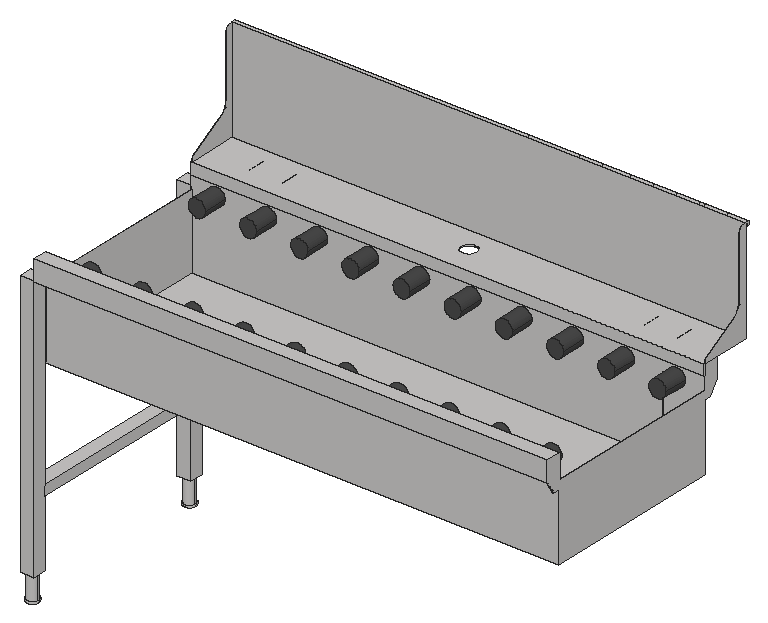
Revit family "QF_ELECTROLUXPROFESSIONAL_863076_HSSRDB15SB", category Specialty Equipment, Revit 2018
Family settings
  Round Connector Dimension = Use Diameter
  Part Type = Normal
  Work Plane-Based = No
  Always vertical = Yes
  Cut with Voids When Loaded = No
  Shared = No
  Room Calculation Point = No
Parameters
  Weight = 0.00 kg
  Watts = 0 W
  Volts = 0 V
  URL Manufacturer = "http://professional.electrolux.com/"
  URL = "http://professional.electrolux.com/"
  Steam Supply Size = 0 mm
  Steam Supply Minimum Pressure = 0.0 Pa
  Steam Supply Maximum Pressure = 0.0 Pa
  Steam Pounds per Hour = 0
  Refrigeration Suction Line Size = 0 mm
  Refrigeration Liquid Line Size = 0 mm
  Refrigerant Compressor Remote = yes
  Manufacturer = "Electrolux"
  Phase = 0
  Model = "HSSRDB15SB"
  Length Actual = 1500 mm  # constant formula
  Item Number = "863076"
  Hot Water Size = 0 mm
  Height Actual = 1213 mm  # constant formula
  HP = "0 HP"
  Gas Size = 0 mm
  Gas KW = 0
  Gas Input Pressure = 0 W
  Description = "SHORT ROLLER CONVEYOR WITH DEEP BASIN AND SPLASH BACK,  L=1500 MM"
  Depth Actual = 735 mm  # constant formula
  Cycle = 0 Hz
  Condensate Return Size = 0 mm
  Compressed Air Volume = 0.0 L/s
  Compressed Air Size = 0 mm
  Compressed Air Pressure = 0.0 Pa
  Cold Water Size = 0 mm
  Accessory = yes
Reference planes
  plane 1 "Centro (Fronte/Retro)": y = 74.737
  plane 2: z = 0
  plane 3 "LEFT": x = -1038.761
  plane 4 "BACK": y = 499.737
  plane 5 "FRONT": y = -235.263
  plane 6: z = 910
  plane 7 "RIGHT": x = 461.239
  plane 8: x = -288.761
Forms (mm)
  Extrusion 1, solid, material "QF_Finishes_Stainless Steel"
    sketch origin (0, 74.737, 0) x (1, 0, 0) y (0, 0, 1)
      loop
        line (-1079.929, 300) -> (-1079.929, 270) -> (-1039.929, 270) -> (-1039.929, 300) -> (-1079.929, 300)
    from -266.504 to 266.46
  Extrusion 2, solid, material "QF_Finishes_Stainless Steel"
    sketch origin (11.239, 0, 0) x (0, 1, 0) y (0, 0, 1)
      loop
        line (-235.263, 910) -> (-235.263, 850.033) -> (-190.242, 850.033) -> (-190.242, 910) -> (-235.263, 910)
      loop
        line (384.737, 910) -> (339.716, 910) -> (339.716, 850.033) -> (384.737, 850.033) -> (384.737, 910)
    from -1048.8 to 448.8
  Extrusion 3, solid, material "QF_Finishes_Stainless Steel"
    sketch origin (11.239, 0, 0) x (0, 1, 0) y (0, 0, 1)
      loop
        line (-191.727, 850.033) -> (-191.727, 618.033) -> (341.245, 618.033) -> (341.245, 850.033) -> (339.716, 850.033) -> (339.716, 621.033) -> (-190.242, 621.033) -> (-190.242, 850.033) -> (-191.727, 850.033)
    from -1048.8 to 448.8
  Extrusion 4, solid, material "QF_Finishes_Stainless Steel"
    sketch origin (1761.239, 723.253, 4000) x (0, 1, 0) y (0, 0, 1)
      loop
        line (-958.516, -3090) -> (-958.516, -3149.967) -> (-934.752, -3185.632) -> (-914.981, -3185.632) -> (-914.981, -3381.967) -> (-382.009, -3381.967) -> (-382.009, -3185.632) -> (-362.281, -3185.632) -> (-338.516, -3149.967) -> (-338.516, -3090) -> (-383.538, -3090) -> (-383.538, -3161.926) -> (-913.495, -3161.926) -> (-913.495, -3090) -> (-958.516, -3090)
    from -1300 to -1301.2
  Revolve 5, solid, material "QF_Finishes_Stainless Steel"
    sketch origin (-288.761, 0, 0) x (0, 1, 0) y (0, 0, 1)
      loop
        line (74.737, 618.033) -> (-1.756, 618.033) -> (-1.756, 601.823) -> (0.354, 601.823)
        arc (0.354, 601.823) -> (3.64, 597.973) -> (0.351, 594.125) r 3.897
        line (0.351, 594.125) -> (-1.756, 594.125) -> (-1.756, 551.31)
        arc (-1.756, 551.31) -> (8.91, 520.632) -> (36.296, 503.17) r 49.497
        line (36.296, 503.17) -> (36.296, 500.684) -> (37.487, 497.398) -> (51.25, 491.407) -> (51.25, 455.535) -> (52.727, 454.059) -> (74.737, 454.059) -> (74.737, 618.033)
      axis (74.737, 454.059) -> (74.737, 618.033)
    angle from 0 to 360
  Extrusion 6, solid, material "QF_Finishes_Stainless Steel"
    sketch origin (-537.561, 723.253, 4000) x (0, 1, 0) y (0, 0, 1)
      loop
        line (-958.516, -3090) -> (-958.516, -3149.967) -> (-914.981, -3149.967) -> (-914.981, -3381.967) -> (-382.009, -3381.967) -> (-382.009, -3149.967) -> (-338.516, -3149.967) -> (-338.516, -3090) -> (-383.538, -3090) -> (-383.538, -3161.926) -> (-913.495, -3161.926) -> (-913.495, -3090) -> (-958.516, -3090)
    from -500 to -501.2
  Extrusion 7, solid, material "QF_Finishes_Black"
    sketch origin (0, 74.737, 0) x (1, 0, 0) y (0, 0, 1)
      loop
        circle (-961.28, 850.115) r 25
      loop
        circle (-811.832, 850.115) r 25
      loop
        circle (84.861, 850.115) r 25
      loop
        circle (234.309, 850.115) r 25
      loop
        circle (383.758, 850.115) r 25
      loop
        circle (-64.588, 850.115) r 25
      loop
        circle (-662.383, 850.115) r 25
      loop
        circle (-214.037, 850.115) r 25
      loop
        circle (-512.934, 850.115) r 25
      loop
        circle (-363.485, 850.115) r 25
    from 190.58 to 260.534
  Extrusion 8, solid, material "QF_Finishes_Stainless Steel"
    sketch origin (-239.961, 342.237, 0) x (0, 1, 0) y (0, 0, -1)
      loop
        line (-2.521, -910) -> (-2.521, -879.543) -> (-4.021, -879.543) -> (-4.021, -911.5) -> (145.999, -911.5) -> (145.999, -1213) -> (157.5, -1213) -> (157.5, -1202.537) -> (156, -1202.537) -> (156, -1211.5) -> (147.499, -1211.5) -> (147.499, -910) -> (-2.521, -910)
    from -701.2 to 798.8
  Extrusion 9, solid, material "QF_Finishes_Stainless Steel"
    sketch origin (-915.761, 342.237, 0) x (0, 1, 0) y (0, 0, 1)
      loop
        line (-0.992, 624.033) -> (13.767, 624.033)
        arc (13.767, 624.033) -> (17.303, 625.498) -> (18.768, 629.034) r 5.001
        line (18.768, 629.034) -> (18.768, 745.739) -> (102.636, 891.045) -> (102.636, 910) -> (42.5, 910) -> (42.5, 850.033) -> (-0.992, 850.033) -> (-0.992, 624.033)
    from 0 to 3
  Extrusion 10, solid, material "QF_Finishes_Stainless Steel"
    sketch origin (-818.761, 342.237, 0) x (0, 1, 0) y (0, 0, 1)
      loop
        line (-0.992, 624.033) -> (13.767, 624.033)
        arc (13.767, 624.033) -> (17.303, 625.498) -> (18.768, 629.034) r 5.001
        line (18.768, 629.034) -> (18.768, 745.739) -> (102.636, 891.045) -> (102.636, 910) -> (42.5, 910) -> (42.5, 850.033) -> (-0.992, 850.033) -> (-0.992, 624.033)
    from 0 to 3
  Extrusion 11, solid, material "QF_Finishes_Stainless Steel"
    sketch origin (-555.939, 342.237, 13) x (-1, 0, 0) y (0, 0, 1)
      loop
        line (356.822, 837.033) -> (262.822, 837.033) -> (262.822, 611.033) -> (356.822, 611.033) -> (356.822, 837.033)
    from -0.992 to 1.008
  Extrusion 12, solid, material "QF_Finishes_Stainless Steel"
    sketch origin (460.039, 342.237, 0) x (0, 1, 0) y (0, 0, -1)
      loop
        line (1.051, -911.5) -> (1.051, -914.619)
        arc (1.051, -914.619) -> (2.37, -919.604) -> (6.004, -923.263) r 9.963
        line (6.004, -923.263) -> (100.988, -978.112)
        arc (100.988, -978.112) -> (119.305, -996.412) -> (126.02, -1021.418) r 50.023
        line (126.02, -1021.418) -> (126.02, -1196.012)
        arc (126.02, -1196.012) -> (130.414, -1206.62) -> (141.022, -1211.014) r 15.003
        line (141.022, -1211.014) -> (145.999, -1211.014) -> (145.999, -911.5) -> (1.051, -911.5)
    from -1.2 to 0
  Extrusion 13, solid, material "QF_Finishes_Stainless Steel"
    sketch origin (-1033.961, 342.237, 0) x (0, 1, 0) y (0, 0, -1)
      loop
        line (141.022, -1211.014) -> (145.999, -1211.014) -> (145.999, -911.5) -> (1.051, -911.5) -> (1.051, -914.619)
        arc (1.051, -914.619) -> (2.37, -919.604) -> (6.004, -923.263) r 9.963
        line (6.004, -923.263) -> (100.988, -978.112)
        arc (100.988, -978.112) -> (119.305, -996.412) -> (126.02, -1021.418) r 50.023
        line (126.02, -1021.418) -> (126.02, -1196.012)
        arc (126.02, -1196.012) -> (130.414, -1206.62) -> (141.022, -1211.014) r 15.003
    from 3.6 to 4.8
  Extrusion 14, void
    sketch origin (0, 0, 0) x (1, 0, 0) y (0, 1, 0)
      loop
        circle (-288.761, 417.226) r 22.503
    from 910 to 911.5
  Extrusion 15, solid, material "QF_Finishes_Stainless Steel"
    sketch origin (-361.761, 342.237, 0) x (0, 1, 0) y (0, 0, -1)
      loop
        line (-0.992, -624.033) -> (-0.992, -850.033) -> (42.5, -850.033) -> (42.5, -910) -> (102.636, -910) -> (102.636, -891.045) -> (18.768, -745.739) -> (18.768, -629.034)
        arc (18.768, -629.034) -> (17.303, -625.498) -> (13.767, -624.033) r 5.001
        line (13.767, -624.033) -> (-0.992, -624.033)
    from -700 to -697
  Extrusion 16, solid, material "QF_Finishes_Stainless Steel"
    sketch origin (-458.761, 342.237, 0) x (0, 1, 0) y (0, 0, -1)
      loop
        line (-0.992, -624.033) -> (-0.992, -850.033) -> (42.5, -850.033) -> (42.5, -910) -> (102.636, -910) -> (102.636, -891.045) -> (18.768, -745.739) -> (18.768, -629.034)
        arc (18.768, -629.034) -> (17.303, -625.498) -> (13.767, -624.033) r 5.001
        line (13.767, -624.033) -> (-0.992, -624.033)
    from -700 to -697
  Extrusion 17, solid, material "QF_Finishes_Stainless Steel"
    sketch origin (-721.583, 342.237, 13) x (1, 0, 0) y (0, 0, -1)
      loop
        line (1056.822, -837.033) -> (1056.822, -611.033) -> (962.822, -611.033) -> (962.822, -837.033) -> (1056.822, -837.033)
    from -0.992 to 1.008
  Extrusion 18, solid, material "QF_Finishes_Black"
    sketch origin (0, 74.737, 0) x (1, 0, 0) y (0, 0, -1)
      loop
        circle (-961.28, -850.115) r 25
      loop
        circle (-811.832, -850.115) r 25
      loop
        circle (84.861, -850.115) r 25
      loop
        circle (234.309, -850.115) r 25
      loop
        circle (383.758, -850.115) r 25
      loop
        circle (-64.588, -850.115) r 25
      loop
        circle (-662.383, -850.115) r 25
      loop
        circle (-214.037, -850.115) r 25
      loop
        circle (-512.934, -850.115) r 25
      loop
        circle (-363.485, -850.115) r 25
    from 190.58 to 260.534
Cuts and joins
  joined: Extrusion 2, Extrusion 3, Extrusion 4, Revolve 5, Extrusion 6
  Extrusion 14 cuts Extrusion 8
  joined: Extrusion 8, Extrusion 9, Extrusion 10, Extrusion 11, Extrusion 12, Extrusion 13, Extrusion 15, Extrusion 16, Extrusion 17
Lines and regions (mm)
  Split face 1
    outline origin (758.239, 339.716, 621.033) x (-1, 0, 0) y (0, -1, 0)
      loop
        circle (1047, 264.904) r 3.016
  Split face 2
    outline origin (758.239, 339.716, 621.033) x (-1, 0, 0) y (0, -1, 0)
      loop
        circle (1047, 264.904) r 52.991
  Split face 3
    outline origin (758.239, 339.716, 621.033) x (-1, 0, 0) y (0, -1, 0)
      loop
        circle (1047, 264.904) r 36.015
  Split face 4
    outline origin (758.239, 339.716, 621.033) x (-1, 0, 0) y (0, -1, 0)
      loop
        circle (1047, 264.904) r 26.027
  Split face 5
    outline origin (758.239, 339.716, 621.033) x (-1, 0, 0) y (0, -1, 0)
      loop
        circle (1047, 264.904) r 9.056
  Masking region 1
    outline origin (0, 0, 0) x (1, 0, 0) y (0, 1, 0)
      loop
        line (-1038.761, 499.737) -> (-1038.761, -235.263) -> (461.239, -235.263) -> (461.239, 499.737) -> (-1038.761, 499.737)
  symbolic lines
    curve 1: line (461.239, 499.737, 0) -> (-1038.761, 499.737, 0)
    curve 2: line (-1038.761, 499.737, 0) -> (-1038.761, -235.263, 0)
    curve 3: line (-1038.761, 339.716, 0) -> (461.239, 339.716, 0)
    curve 4: line (-1038.761, -235.263, 0) -> (461.239, -235.263, 0)
    curve 5: line (461.239, -235.263, 0) -> (461.239, 499.737, 0)
    curve 6: line (461.239, -190.242, 0) -> (-1038.761, -190.242, 0)
    curve 7: line (-936.28, -185.797, 0) -> (-986.28, -185.797, 0)
    curve 8: line (-986.28, -185.797, 0) -> (-986.28, -115.842, 0)
    curve 9: line (-986.28, -115.842, 0) -> (-936.28, -115.842, 0)
    curve 10: line (-936.28, -115.842, 0) -> (-936.28, -185.797, 0)
    curve 11: line (-786.832, -185.797, 0) -> (-836.832, -185.797, 0)
    curve 12: line (-836.832, -185.797, 0) -> (-836.832, -115.842, 0)
    curve 13: line (-836.832, -115.842, 0) -> (-786.832, -115.842, 0)
    curve 14: line (-786.832, -115.842, 0) -> (-786.832, -185.797, 0)
    curve 15: line (-637.383, -185.797, 0) -> (-687.383, -185.797, 0)
    curve 16: line (-687.383, -185.797, 0) -> (-687.383, -115.842, 0)
    curve 17: line (-687.383, -115.842, 0) -> (-637.383, -115.842, 0)
    curve 18: line (-637.383, -115.842, 0) -> (-637.383, -185.797, 0)
    curve 19: line (-487.934, -185.797, 0) -> (-537.934, -185.797, 0)
    curve 20: line (-537.934, -185.797, 0) -> (-537.934, -115.842, 0)
    curve 21: line (-537.934, -115.842, 0) -> (-487.934, -115.842, 0)
    curve 22: line (-487.934, -115.842, 0) -> (-487.934, -185.797, 0)
    curve 23: line (-1038.761, 343.288, 0) -> (-1037.561, 343.288, 0)
    curve 24: line (-1037.561, 343.288, 0) -> (-1037.561, 488.236, 0)
    curve 25: line (-1038.761, 488.236, 0) -> (461.239, 488.236, 0)
    curve 26: line (460.039, 488.236, 0) -> (460.039, 343.288, 0)
    curve 27: arc (-311.264, 417.226, 0) -> (-288.761, 439.729, 0) -> (-266.258, 417.226, 0) r 22.503
    curve 28: arc (-266.258, 417.226, 0) -> (-288.761, 394.723, 0) -> (-311.264, 417.226, 0) r 22.503
    curve 29: line (461.239, 74.737, 0) -> (431.239, 74.737, 0)
    curve 30: line (-1038.761, 74.737, 0) -> (-1008.761, 74.737, 0)
    curve 31: arc (-288.761, 151.231, 0) -> (-212.267, 74.737, 0) -> (-288.761, -1.756, 0) r 76.494
    curve 32: arc (-288.761, -1.756, 0) -> (-365.254, 74.737, 0) -> (-288.761, 151.231, 0) r 76.494
    curve 33: arc (-288.761, 96.747, 0) -> (-310.771, 74.737, 0) -> (-288.761, 52.727, 0) r 22.01
    curve 34: arc (-288.761, 52.727, 0) -> (-266.751, 74.737, 0) -> (-288.761, 96.747, 0) r 22.01
    curve 35: line (-338.485, -185.797, 0) -> (-388.485, -185.797, 0)
    curve 36: line (-388.485, -185.797, 0) -> (-388.485, -115.842, 0)
    curve 37: line (-388.485, -115.842, 0) -> (-338.485, -115.842, 0)
    curve 38: line (-338.485, -115.842, 0) -> (-338.485, -185.797, 0)
    curve 39: line (-189.037, -185.797, 0) -> (-239.037, -185.797, 0)
    curve 40: line (-239.037, -185.797, 0) -> (-239.037, -115.842, 0)
    curve 41: line (-239.037, -115.842, 0) -> (-189.037, -115.842, 0)
    curve 42: line (-189.037, -115.842, 0) -> (-189.037, -185.797, 0)
    curve 43: line (-39.588, -185.797, 0) -> (-89.588, -185.797, 0)
    curve 44: line (-89.588, -185.797, 0) -> (-89.588, -115.842, 0)
    curve 45: line (-89.588, -115.842, 0) -> (-39.588, -115.842, 0)
    curve 46: line (-39.588, -115.842, 0) -> (-39.588, -185.797, 0)
    curve 47: line (109.861, -185.797, 0) -> (59.861, -185.797, 0)
    curve 48: line (59.861, -185.797, 0) -> (59.861, -115.842, 0)
    curve 49: line (59.861, -115.842, 0) -> (109.861, -115.842, 0)
    curve 50: line (109.861, -115.842, 0) -> (109.861, -185.797, 0)
    curve 51: line (408.758, -185.797, 0) -> (358.758, -185.797, 0)
    curve 52: line (358.758, -185.797, 0) -> (358.758, -115.842, 0)
    curve 53: line (358.758, -115.842, 0) -> (408.758, -115.842, 0)
    curve 54: line (408.758, -115.842, 0) -> (408.758, -185.797, 0)
    curve 55: line (259.309, -185.797, 0) -> (209.309, -185.797, 0)
    curve 56: line (209.309, -185.797, 0) -> (209.309, -115.842, 0)
    curve 57: line (209.309, -115.842, 0) -> (259.309, -115.842, 0)
    curve 58: line (259.309, -115.842, 0) -> (259.309, -185.797, 0)
    curve 59: line (-936.28, 335.271, 0) -> (-986.28, 335.271, 0)
    curve 60: line (-986.28, 335.271, 0) -> (-986.28, 265.317, 0)
    curve 61: line (-986.28, 265.317, 0) -> (-936.28, 265.317, 0)
    curve 62: line (-936.28, 265.317, 0) -> (-936.28, 335.271, 0)
    curve 63: line (-786.832, 335.271, 0) -> (-836.832, 335.271, 0)
    curve 64: line (-836.832, 335.271, 0) -> (-836.832, 265.317, 0)
    curve 65: line (-836.832, 265.317, 0) -> (-786.832, 265.317, 0)
    curve 66: line (-786.832, 265.317, 0) -> (-786.832, 335.271, 0)
    curve 67: line (-637.383, 335.271, 0) -> (-687.383, 335.271, 0)
    curve 68: line (-687.383, 335.271, 0) -> (-687.383, 265.317, 0)
    curve 69: line (-687.383, 265.317, 0) -> (-637.383, 265.317, 0)
    curve 70: line (-637.383, 265.317, 0) -> (-637.383, 335.271, 0)
    curve 71: line (-487.934, 335.271, 0) -> (-537.934, 335.271, 0)
    curve 72: line (-537.934, 335.271, 0) -> (-537.934, 265.317, 0)
    curve 73: line (-537.934, 265.317, 0) -> (-487.934, 265.317, 0)
    curve 74: line (-487.934, 265.317, 0) -> (-487.934, 335.271, 0)
    curve 75: line (-338.485, 335.271, 0) -> (-388.485, 335.271, 0)
    curve 76: line (-388.485, 335.271, 0) -> (-388.485, 265.317, 0)
    curve 77: line (-388.485, 265.317, 0) -> (-338.485, 265.317, 0)
    curve 78: line (-338.485, 265.317, 0) -> (-338.485, 335.271, 0)
    curve 79: line (-189.037, 335.271, 0) -> (-239.037, 335.271, 0)
    curve 80: line (-239.037, 335.271, 0) -> (-239.037, 265.317, 0)
    curve 81: line (-239.037, 265.317, 0) -> (-189.037, 265.317, 0)
    curve 82: line (-189.037, 265.317, 0) -> (-189.037, 335.271, 0)
    curve 83: line (-39.588, 335.271, 0) -> (-89.588, 335.271, 0)
    curve 84: line (-89.588, 335.271, 0) -> (-89.588, 265.317, 0)
    curve 85: line (-89.588, 265.317, 0) -> (-39.588, 265.317, 0)
    curve 86: line (-39.588, 265.317, 0) -> (-39.588, 335.271, 0)
    curve 87: line (109.861, 335.271, 0) -> (59.861, 335.271, 0)
    curve 88: line (59.861, 335.271, 0) -> (59.861, 265.317, 0)
    curve 89: line (59.861, 265.317, 0) -> (109.861, 265.317, 0)
    curve 90: line (109.861, 265.317, 0) -> (109.861, 335.271, 0)
    curve 91: line (408.758, 335.271, 0) -> (358.758, 335.271, 0)
    curve 92: line (358.758, 335.271, 0) -> (358.758, 265.317, 0)
    curve 93: line (358.758, 265.317, 0) -> (408.758, 265.317, 0)
    curve 94: line (408.758, 265.317, 0) -> (408.758, 335.271, 0)
    curve 95: line (259.309, 335.271, 0) -> (209.309, 335.271, 0)
    curve 96: line (209.309, 335.271, 0) -> (209.309, 265.317, 0)
    curve 97: line (209.309, 265.317, 0) -> (259.309, 265.317, 0)
    curve 98: line (259.309, 265.317, 0) -> (259.309, 335.271, 0)
Dimensions and locks
  plane 3 "LEFT" to plane 7 "RIGHT" = 1500 mm
  plane 4 "BACK" to plane 1 "Centro (Fronte/Retro)" to plane 5 "FRONT" = 425 mm, 310 mm
  plane 4 "BACK" to plane 5 "FRONT" = 735 mm
  equal spacing: plane 3 "LEFT", plane 8, plane 7 "RIGHT"
  locked: cut or joined group 1 (Extrusion 8, Extrusion 9, Extrusion 10, Extrusion 11, Extrusion 12, Extrusion 13, Extrusion 14, Extrusion 15, Extrusion 16, Extrusion 17) to cut or joined group 1 at 94  (x2)
  equal spacing: cut or joined group 1, plane 8, cut or joined group 1
  locked: cut or joined group 1 to cut or joined group 1 at 3  (x2)
  locked: Extrusion 7 sketch curve to plane 3 "LEFT" at 77.481
  locked: plane 7 "RIGHT" to Extrusion 7 sketch curve at 77.481
  equal spacing: Extrusion 7 sketch curve, Extrusion 7 sketch curve, Extrusion 7 sketch curve, Extrusion 7 sketch curve, Extrusion 7 sketch curve, Extrusion 7 sketch curve, Extrusion 7 sketch curve, Extrusion 7 sketch curve, Extrusion 7 sketch curve, Extrusion 7 sketch curve
  equal spacing: Extrusion 18 sketch curve, Extrusion 18 sketch curve, Extrusion 18 sketch curve, Extrusion 18 sketch curve, Extrusion 18 sketch curve, Extrusion 18 sketch curve, Extrusion 18 sketch curve, Extrusion 18 sketch curve, Extrusion 18 sketch curve, Extrusion 18 sketch curve
  aligned and locked: level to plane 2
  aligned and locked: plane 8 to cut or joined group of Extrusion 2, Extrusion 3, Extrusion 4, Revolve 5, Extrusion 6
  aligned and locked: Extrusion 2 to Extrusion 3
Automatic sketch dimensions
  curve 27 to curve 28 = 0 mm  (x2)
  curve 31 to curve 32 = 0 mm  (x2)
  curve 31 to curve 33 = 0 mm  (x2)
  curve 31 to curve 34 = 0 mm  (x2)
  curve 32 to curve 33 = 0 mm  (x2)
  curve 32 to curve 34 = 0 mm  (x2)
  curve 33 to curve 34 = 0 mm  (x2)
  curve 23 to plane 3 "LEFT" = 0 mm
  plane 1 "Centro (Fronte/Retro)" to curve 30 = 0 mm
  plane 1 "Centro (Fronte/Retro)" to curve 31 = 0 mm
  curve 31 to plane 8 = 0 mm
  plane 1 "Centro (Fronte/Retro)" to curve 29 = 0 mm
  curve 29 to plane 7 "RIGHT" = 0 mm
  curve 4 to plane 5 "FRONT" = 0 mm
  curve 2 to plane 4 "BACK" = 0 mm
  plane 3 "LEFT" to curve 24 = 1.2 mm
  plane 3 "LEFT" to curve 7 = 52.481 mm
  plane 3 "LEFT" to curve 61 = 52.481 mm
  curve 7 to curve 7 = 50 mm
  curve 59 to curve 62 = 50 mm
  curve 9 to curve 13 = 99.449 mm
  curve 59 to curve 63 = 99.449 mm
  curve 64 to curve 65 = 50 mm
  curve 12 to curve 13 = 50 mm
  curve 13 to curve 16 = 99.449 mm
  curve 65 to curve 68 = 99.449 mm
  curve 15 to curve 15 = 50 mm
  curve 67 to curve 70 = 50 mm
  curve 69 to curve 73 = 99.449 mm
  curve 17 to curve 21 = 99.449 mm
  curve 20 to curve 21 = 50 mm
  curve 72 to curve 73 = 50 mm
  curve 21 to curve 36 = 99.449 mm
  curve 73 to curve 77 = 99.449 mm
  plane 8 to curve 38 = 49.724 mm
  plane 8 to curve 77 = 49.724 mm
  plane 8 to curve 27 = 0 mm
  curve 79 to plane 8 = 49.724 mm
  curve 39 to plane 8 = 49.724 mm
  curve 39 to curve 42 = 50 mm
  curve 79 to curve 79 = 50 mm
  plane 5 "FRONT" to curve 43 = 49.466 mm
  curve 39 to curve 43 = 99.449 mm
  curve 79 to curve 83 = 99.449 mm
  curve 43 to curve 43 = 50 mm
  curve 83 to curve 83 = 50 mm
  plane 5 "FRONT" to curve 48 = 49.466 mm
  curve 43 to curve 48 = 99.449 mm
  curve 83 to curve 87 = 99.449 mm
  curve 48 to curve 50 = 50 mm
  curve 88 to curve 89 = 50 mm
  curve 89 to curve 97 = 99.449 mm
  plane 5 "FRONT" to curve 55 = 49.466 mm
  curve 47 to curve 55 = 99.449 mm
  curve 55 to curve 55 = 50 mm
  curve 95 to curve 95 = 50 mm
  curve 95 to curve 92 = 99.449 mm
  curve 57 to curve 53 = 99.449 mm
  curve 92 to curve 94 = 50 mm
  curve 52 to curve 53 = 50 mm
  curve 26 to plane 7 "RIGHT" = 1.2 mm
  plane 5 "FRONT" to curve 39 = 49.466 mm
  plane 5 "FRONT" to curve 36 = 49.466 mm
  plane 5 "FRONT" to curve 7 = 49.466 mm
  plane 5 "FRONT" to curve 11 = 49.466 mm
  plane 5 "FRONT" to curve 15 = 49.466 mm
  plane 5 "FRONT" to curve 51 = 49.466 mm
  plane 5 "FRONT" to curve 19 = 49.466 mm
  curve 19 to curve 21 = 69.954 mm
  curve 51 to curve 54 = 69.954 mm
  curve 15 to curve 18 = 69.954 mm
  curve 47 to curve 50 = 69.954 mm
  curve 11 to curve 14 = 69.954 mm
  curve 43 to curve 46 = 69.954 mm
  curve 7 to curve 10 = 69.954 mm
  curve 39 to curve 42 = 69.954 mm
  curve 55 to curve 56 = 69.954 mm
  curve 35 to curve 36 = 69.954 mm
  curve 86 to plane 1 "Centro (Fronte/Retro)" = 190.58 mm
  curve 85 to curve 89 = 0 mm
  curve 82 to curve 84 = 0 mm
  curve 92 to plane 1 "Centro (Fronte/Retro)" = 190.58 mm
  curve 78 to curve 80 = 0 mm
  curve 89 to curve 96 = 0 mm
  curve 60 to plane 1 "Centro (Fronte/Retro)" = 190.58 mm
  curve 74 to curve 76 = 0 mm
  curve 61 to curve 64 = 0 mm
  curve 70 to curve 72 = 0 mm
  curve 68 to curve 67 = 69.954 mm
  curve 65 to curve 66 = 69.954 mm
  curve 73 to curve 71 = 69.954 mm
  curve 61 to curve 62 = 69.954 mm
  curve 77 to curve 75 = 69.954 mm
  curve 96 to curve 96 = 69.954 mm
  curve 81 to curve 79 = 69.954 mm
  curve 93 to curve 94 = 69.954 mm
  curve 85 to curve 83 = 69.954 mm
  curve 89 to curve 90 = 69.954 mm
  curve 59 to curve 23 = 8.018 mm
  curve 91 to curve 26 = 8.018 mm
  curve 28 to plane 4 "BACK" = 82.511 mm
  plane 3 "LEFT" to curve 30 = 30 mm
  curve 27 to curve 27 = 22.503 mm
  curve 29 to plane 7 "RIGHT" = 30 mm
  curve 4 to curve 6 = 45.021 mm
  curve 32 to curve 31 = 76.494 mm
  curve 33 to curve 31 = 22.01 mm
  curve 3 to curve 23 = 3.573 mm
  curve 25 to curve 1 = 11.501 mm
  Extrusion 1 sketch curve to plane 3 "LEFT" = 41.168 mm
  Extrusion 1 sketch curve to plane 3 "LEFT" = 1.168 mm
  level to Extrusion 1 sketch curve = 270 mm
  Extrusion 1 sketch curve to Extrusion 1 sketch curve = 30 mm
  Extrusion 2 sketch curve to plane 5 "FRONT" = 0 mm
  Extrusion 2 sketch curve to plane 6 = 0 mm  (x2)
  plane 5 "FRONT" to Extrusion 2 sketch curve = 45.021 mm
  Extrusion 2 sketch curve to plane 6 = 59.967 mm
  Extrusion 2 sketch curve to plane 4 "BACK" = 160.021 mm
  Extrusion 2 sketch curve to Extrusion 2 sketch curve = 45.021 mm
  Extrusion 2 sketch curve to Extrusion 2 sketch curve = 59.967 mm
  plane 5 "FRONT" to Extrusion 3 sketch curve = 43.536 mm
  Extrusion 3 sketch curve to Extrusion 3 sketch curve = 1.486 mm
  Extrusion 3 sketch curve to plane 6 = 59.967 mm  (x2)
  Extrusion 3 sketch curve to plane 4 "BACK" = 160.021 mm
  Extrusion 3 sketch curve to Extrusion 3 sketch curve = 1.529 mm
  Extrusion 3 sketch curve to plane 6 = 288.967 mm
  Extrusion 3 sketch curve to Extrusion 3 sketch curve = 3 mm
  Extrusion 4 sketch curve to plane 5 "FRONT" = 0 mm
  Extrusion 4 sketch curve to plane 6 = 0 mm  (x2)
  plane 5 "FRONT" to Extrusion 4 sketch curve = 23.764 mm
  plane 5 "FRONT" to Extrusion 4 sketch curve = 43.536 mm
  plane 5 "FRONT" to Extrusion 4 sketch curve = 45.021 mm
  Extrusion 4 sketch curve to plane 6 = 71.926 mm
  Extrusion 4 sketch curve to plane 4 "BACK" = 160.021 mm
  Extrusion 4 sketch curve to plane 4 "BACK" = 158.492 mm
  Extrusion 4 sketch curve to Extrusion 4 sketch curve = 19.728 mm
  Extrusion 4 sketch curve to Extrusion 4 sketch curve = 23.764 mm
  Extrusion 4 sketch curve to Extrusion 4 sketch curve = 23.706 mm  (x2)
  Extrusion 4 sketch curve to Extrusion 4 sketch curve = 196.335 mm
  Extrusion 4 sketch curve to Extrusion 4 sketch curve = 35.665 mm  (x2)
  Revolve 5 sketch curve to plane 1 "Centro (Fronte/Retro)" = 0 mm  (x2)
  plane 1 "Centro (Fronte/Retro)" to Revolve 5 sketch curve = 22.01 mm
  plane 1 "Centro (Fronte/Retro)" to Revolve 5 sketch curve = 23.487 mm
  plane 1 "Centro (Fronte/Retro)" to Revolve 5 sketch curve = 26.996 mm
  Revolve 5 sketch curve to Revolve 5 sketch curve = 13.764 mm
  Revolve 5 sketch curve to Revolve 5 sketch curve = 1.191 mm
  Revolve 5 sketch curve to Revolve 5 sketch curve = 47.387 mm
  Revolve 5 sketch curve to Revolve 5 sketch curve = 0.003 mm
  Revolve 5 sketch curve to Revolve 5 sketch curve = 0.608 mm
  Revolve 5 sketch curve to Revolve 5 sketch curve = 2.107 mm
  Revolve 5 sketch curve to Revolve 5 sketch curve = 2.11 mm
  level to Revolve 5 sketch curve = 454.059 mm
  Revolve 5 sketch curve to Revolve 5 sketch curve = 1.476 mm
  Revolve 5 sketch curve to Revolve 5 sketch curve = 35.872 mm
  Revolve 5 sketch curve to Revolve 5 sketch curve = 5.991 mm
  Revolve 5 sketch curve to Revolve 5 sketch curve = 3.286 mm
  Revolve 5 sketch curve to Revolve 5 sketch curve = 2.486 mm
  Revolve 5 sketch curve to Revolve 5 sketch curve = 48.139 mm
  Revolve 5 sketch curve to Revolve 5 sketch curve = 42.815 mm
  Revolve 5 sketch curve to Revolve 5 sketch curve = 3.849 mm
  Revolve 5 sketch curve to Revolve 5 sketch curve = 66.706 mm
  Revolve 5 sketch curve to Revolve 5 sketch curve = 3 mm
  Revolve 5 sketch curve to Revolve 5 sketch curve = 14.991 mm
  cut or joined group of Extrusion 2, Extrusion 3, Extrusion 4, Revolve 5, Extrusion 6 to Split face 1 sketch curve = 264.904 mm
  cut or joined group of Extrusion 2, Extrusion 3, Extrusion 4, Revolve 5, Extrusion 6 to Split face 1 sketch curve = 748.8 mm
  cut or joined group of Extrusion 2, Extrusion 3, Extrusion 4, Revolve 5, Extrusion 6 to Split face 2 sketch curve = 264.904 mm
  cut or joined group of Extrusion 2, Extrusion 3, Extrusion 4, Revolve 5, Extrusion 6 to Split face 2 sketch curve = 748.8 mm
  cut or joined group of Extrusion 2, Extrusion 3, Extrusion 4, Revolve 5, Extrusion 6 to Split face 3 sketch curve = 264.904 mm
  cut or joined group of Extrusion 2, Extrusion 3, Extrusion 4, Revolve 5, Extrusion 6 to Split face 3 sketch curve = 748.8 mm
  cut or joined group of Extrusion 2, Extrusion 3, Extrusion 4, Revolve 5, Extrusion 6 to Split face 4 sketch curve = 264.904 mm
  cut or joined group of Extrusion 2, Extrusion 3, Extrusion 4, Revolve 5, Extrusion 6 to Split face 4 sketch curve = 748.8 mm
  cut or joined group of Extrusion 2, Extrusion 3, Extrusion 4, Revolve 5, Extrusion 6 to Split face 5 sketch curve = 264.904 mm
  cut or joined group of Extrusion 2, Extrusion 3, Extrusion 4, Revolve 5, Extrusion 6 to Split face 5 sketch curve = 748.8 mm
  Masking region 1 sketch curve to plane 3 "LEFT" = 0 mm
  Masking region 1 sketch curve to plane 5 "FRONT" = 0 mm
  Masking region 1 sketch curve to plane 7 "RIGHT" = 0 mm
  Masking region 1 sketch curve to plane 4 "BACK" = 0 mm
  Extrusion 6 sketch curve to plane 5 "FRONT" = 0 mm
  Extrusion 6 sketch curve to plane 6 = 0 mm  (x2)
  plane 5 "FRONT" to Extrusion 6 sketch curve = 43.536 mm
  plane 5 "FRONT" to Extrusion 6 sketch curve = 45.021 mm
  Extrusion 6 sketch curve to plane 4 "BACK" = 160.021 mm
  Extrusion 6 sketch curve to plane 4 "BACK" = 158.492 mm
  Extrusion 6 sketch curve to Extrusion 6 sketch curve = 43.492 mm
  Extrusion 6 sketch curve to Extrusion 6 sketch curve = 59.967 mm  (x2)
  Extrusion 6 sketch curve to Extrusion 6 sketch curve = 11.959 mm
  Extrusion 6 sketch curve to Extrusion 6 sketch curve = 220.041 mm
  Extrusion 7 sketch curve to plane 6 = 59.885 mm  (x10)
  Extrusion 8 sketch curve to plane 6 = 0 mm
  Extrusion 8 sketch curve to plane 4 "BACK" = 0 mm
  Extrusion 8 sketch curve to plane 4 "BACK" = 1.5 mm
  Extrusion 8 sketch curve to Extrusion 8 sketch curve = 8.501 mm
  Extrusion 8 sketch curve to Extrusion 8 sketch curve = 1.5 mm  (x3)
  Extrusion 8 sketch curve to plane 6 = 30.457 mm
  Extrusion 8 sketch curve to Extrusion 8 sketch curve = 148.52 mm
  plane 6 to Extrusion 8 sketch curve = 1.5 mm
  Extrusion 8 sketch curve to Extrusion 8 sketch curve = 291.037 mm
  Extrusion 8 sketch curve to Extrusion 8 sketch curve = 8.963 mm
  Extrusion 9 sketch curve to plane 6 = 0 mm
  Extrusion 9 sketch curve to plane 4 "BACK" = 158.492 mm
  Extrusion 9 sketch curve to Extrusion 9 sketch curve = 14.759 mm
  Extrusion 9 sketch curve to Extrusion 9 sketch curve = 19.76 mm
  Extrusion 9 sketch curve to Extrusion 9 sketch curve = 43.492 mm
  Extrusion 9 sketch curve to plane 6 = 18.955 mm
  Extrusion 9 sketch curve to plane 4 "BACK" = 54.864 mm
  Extrusion 9 sketch curve to Extrusion 9 sketch curve = 59.967 mm
  Extrusion 9 sketch curve to Extrusion 9 sketch curve = 104.294 mm
  Extrusion 9 sketch curve to Extrusion 9 sketch curve = 116.705 mm
  Extrusion 10 sketch curve to plane 6 = 0 mm
  Extrusion 10 sketch curve to plane 4 "BACK" = 158.492 mm
  Extrusion 10 sketch curve to Extrusion 10 sketch curve = 14.759 mm
  Extrusion 10 sketch curve to Extrusion 10 sketch curve = 19.76 mm
  Extrusion 10 sketch curve to Extrusion 10 sketch curve = 43.492 mm
  Extrusion 10 sketch curve to plane 6 = 18.955 mm
  Extrusion 10 sketch curve to plane 4 "BACK" = 54.864 mm
  Extrusion 10 sketch curve to Extrusion 10 sketch curve = 59.967 mm
  Extrusion 10 sketch curve to Extrusion 10 sketch curve = 104.294 mm
  Extrusion 10 sketch curve to Extrusion 10 sketch curve = 116.705 mm
  Extrusion 11 sketch curve to plane 6 = 59.967 mm
  plane 8 to Extrusion 11 sketch curve = 530 mm
  Extrusion 11 sketch curve to Extrusion 11 sketch curve = 94 mm
  Extrusion 11 sketch curve to Extrusion 11 sketch curve = 225.999 mm
  plane 6 to Extrusion 12 sketch curve = 1.5 mm
  Extrusion 12 sketch curve to plane 4 "BACK" = 156.449 mm
  plane 6 to Extrusion 12 sketch curve = 13.263 mm
  Extrusion 12 sketch curve to Extrusion 12 sketch curve = 4.953 mm
  plane 6 to Extrusion 12 sketch curve = 4.651 mm
  Extrusion 12 sketch curve to Extrusion 12 sketch curve = 5.01 mm
  Extrusion 12 sketch curve to plane 4 "BACK" = 81.503 mm
  Extrusion 12 sketch curve to Extrusion 12 sketch curve = 24.991 mm
  Extrusion 12 sketch curve to plane 4 "BACK" = 31.48 mm
  Extrusion 12 sketch curve to plane 4 "BACK" = 16.478 mm
  Extrusion 12 sketch curve to plane 4 "BACK" = 11.501 mm
  plane 6 to Extrusion 12 sketch curve = 68.112 mm
  Extrusion 12 sketch curve to Extrusion 12 sketch curve = 43.306 mm
  Extrusion 12 sketch curve to Extrusion 12 sketch curve = 174.593 mm
  plane 6 to Extrusion 13 sketch curve = 1.5 mm
  Extrusion 13 sketch curve to plane 4 "BACK" = 156.449 mm
  plane 6 to Extrusion 13 sketch curve = 13.263 mm
  Extrusion 13 sketch curve to Extrusion 13 sketch curve = 4.953 mm
  plane 6 to Extrusion 13 sketch curve = 4.651 mm
  Extrusion 13 sketch curve to Extrusion 13 sketch curve = 5.01 mm
  Extrusion 13 sketch curve to plane 4 "BACK" = 81.503 mm
  Extrusion 13 sketch curve to Extrusion 13 sketch curve = 24.991 mm
  Extrusion 13 sketch curve to plane 4 "BACK" = 31.48 mm
  Extrusion 13 sketch curve to Extrusion 13 sketch curve = 15.003 mm
  Extrusion 13 sketch curve to Extrusion 13 sketch curve = 4.976 mm
  plane 6 to Extrusion 13 sketch curve = 68.112 mm
  Extrusion 13 sketch curve to Extrusion 13 sketch curve = 43.306 mm
  Extrusion 13 sketch curve to Extrusion 13 sketch curve = 174.593 mm
  plane 8 to Extrusion 14 sketch curve = 0 mm
  Extrusion 14 sketch curve to plane 4 "BACK" = 82.511 mm
  Extrusion 15 sketch curve to plane 6 = 0 mm
  Extrusion 15 sketch curve to plane 4 "BACK" = 158.492 mm
  Extrusion 15 sketch curve to Extrusion 15 sketch curve = 14.759 mm
  Extrusion 15 sketch curve to Extrusion 15 sketch curve = 19.76 mm
  Extrusion 15 sketch curve to Extrusion 15 sketch curve = 43.492 mm
  Extrusion 15 sketch curve to plane 6 = 18.955 mm
  Extrusion 15 sketch curve to plane 4 "BACK" = 54.864 mm
  Extrusion 15 sketch curve to plane 6 = 59.967 mm
  Extrusion 15 sketch curve to Extrusion 15 sketch curve = 104.294 mm
  Extrusion 15 sketch curve to Extrusion 15 sketch curve = 116.705 mm
  Extrusion 16 sketch curve to plane 6 = 0 mm
  Extrusion 16 sketch curve to plane 4 "BACK" = 158.492 mm
  Extrusion 16 sketch curve to Extrusion 16 sketch curve = 14.759 mm
  Extrusion 16 sketch curve to Extrusion 16 sketch curve = 19.76 mm
  Extrusion 16 sketch curve to Extrusion 16 sketch curve = 43.492 mm
  Extrusion 16 sketch curve to plane 6 = 18.955 mm
  Extrusion 16 sketch curve to plane 4 "BACK" = 54.864 mm
  Extrusion 16 sketch curve to plane 6 = 59.967 mm
  Extrusion 16 sketch curve to Extrusion 16 sketch curve = 104.294 mm
  Extrusion 16 sketch curve to Extrusion 16 sketch curve = 116.705 mm
  Extrusion 17 sketch curve to plane 6 = 59.967 mm
  Extrusion 17 sketch curve to plane 8 = 530 mm
  Extrusion 17 sketch curve to Extrusion 17 sketch curve = 94 mm
  Extrusion 17 sketch curve to Extrusion 17 sketch curve = 225.999 mm
  plane 3 "LEFT" to Extrusion 18 sketch curve = 77.481 mm
  Extrusion 18 sketch curve to plane 6 = 59.885 mm  (x10)
  Extrusion 18 sketch curve to Extrusion 18 sketch curve = 149.449 mm
  radius of Split face 1 sketch curve = 3.016 mm
  radius of Split face 2 sketch curve = 52.991 mm
  radius of Split face 3 sketch curve = 36.015 mm
  radius of Split face 4 sketch curve = 26.027 mm
  radius of Split face 5 sketch curve = 9.056 mm
  radius of Extrusion 7 sketch curve = 25 mm  (x10)
  radius of Extrusion 14 sketch curve = 22.503 mm
  radius of Extrusion 18 sketch curve = 25 mm  (x10)
Nested families
  nested 1: "Foot_40x40" at (-1059.929, 361.245, 0), type "Foot_40x40"
    with A 850.033 mm
  nested 2: "Foot_40x40" at (-1059.929, -211.771, 0), type "Foot_40x40"
    with A 850.033 mm
Connectors
  piping at (-288.761, 74.737, 454.059), diameter 30
    settings: on cut or joined group of Extrusion 2, Extrusion 3, Extrusion 4, Revolve 5, Extrusion 6, index 1, connector inside diameter 609.6 mm, connector length 0 mm, flow factor 0, pipe flow 0.0 L/s, pressure drop 0.0 Pa, fitting loss kfactor 0, connector angle 0.00°, fixture units 0, engagement length 0 mm, angle of deflection 0.00°, flow configuration 1, flow direction 2, fitting loss method 0, system type 16, joint type 0, gender type 0, connector reference index -1, connector utility 0, adjustable connector no, is connector primary yes, connector description "Drain"
Definition of nested family "Foot_40x40"
  Parameters
    A [instance] = 850 mm
  Reference planes
    plane 1 "Centro (Fronte/Retro)": y = 0
    plane 2: z = 0
    plane 3 "Centro (Sinistra/Destra)": x = 0
    plane 4: z = 850
  Forms (mm)
    Extrusion 1, solid
      sketch origin (0, 0, 0) x (1, 0, 0) y (0, 1, 0)
        loop
          circle (0, 0) r 18
      from 0 to 5
    Extrusion 2, solid
      sketch origin (0, 0, 5) x (1, 0, 0) y (0, 1, 0)
        loop
          circle (0, 0) r 15
      from 0 to 70
    Extrusion 3, solid
      sketch origin (0, 0, 75) x (1, 0, 0) y (0, 1, 0)
        loop
          line (-20, 20) -> (-20, -20) -> (20, -20) -> (20, 20) -> (-20, 20)
      from 0 to 775
  Dimensions and locks
    "A": plane 4 to plane 2
    aligned and locked: level to plane 2
    aligned and locked: plane 4 to Extrusion 3
    aligned and locked: Extrusion 1 to level
  Automatic sketch dimensions
    plane 1 "Centro (Fronte/Retro)" to Extrusion 1 sketch curve = 0 mm
    Extrusion 1 sketch curve to plane 3 "Centro (Sinistra/Destra)" = 0 mm
    Extrusion 3 sketch curve to Extrusion 3 sketch curve = 40 mm  (x2)
    radius of Extrusion 1 sketch curve = 18 mm
    radius of Extrusion 2 sketch curve to Extrusion 1 = 3 mm
